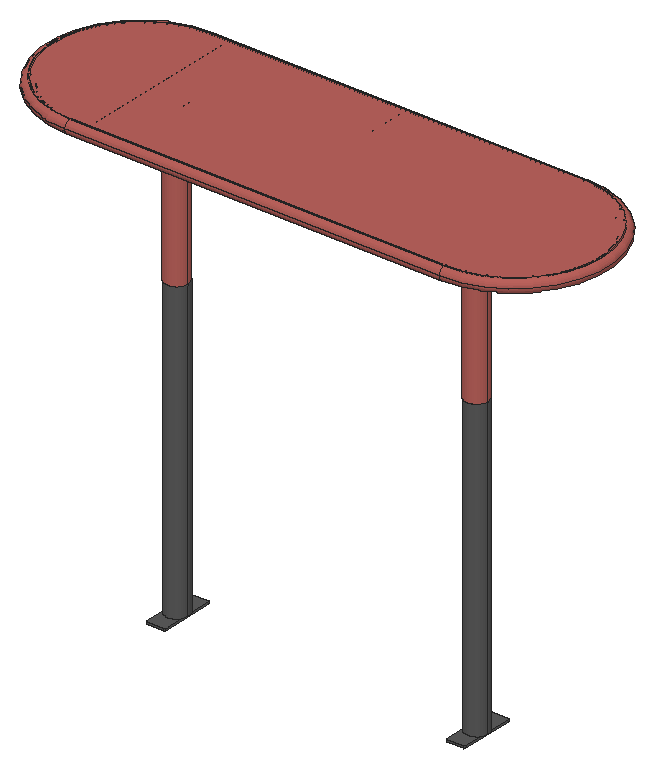
Revit family "product code 61401-F", category Meble, Revit 2021
Family settings
  Numer OmniClass = 23.40.20.00
  Tytuł OmniClass = General Furniture and Specialties
  Oparty na płaszczyźnie roboczej = Nie
  Zawsze pionowo = Tak
  Tnij formami wycięć po wczytaniu = Nie
  Współdzielony = Nie
  Punkt obliczania pomieszczeń = Nie
Parameters (values of type "Sydhavn")
  metal = Kobenhagen RAL 3000
  Width = "50 cm"
  Weight = "35 kg"
  URL = "https://kobenhagen.com/en_US/p/Sydhavn-3-person-Bench/232"
  Product Line = "Sydhavn"
  Product Groups = "Benches"
  Producent = "Lars Laj"
  Keynote = ""
  Opis = "Sydhavn 3-person Bench"
  Model = "61401-F"
  Material = "Powder coated steel"
  Maintenance = "We recommend to examine and tighten all screws and bolt clamps after a few weeks’ use. In order to prevent cracks and to extend the life of the wood, it is recommended that the wood details should be oiled every 3-5 years."
  Lenght = "150 cm"
  Type Comments = ""
  Kobenhagen Materials = "larslaj.com/bim"
  Hosted on larslaj.com = "https://larslaj.com/bim"
  Height = "45 cm"
  Domyślna rzędna = 0 mm
  Copyright = "All designs and drawings are the intellectual property of Lars Laj A/S and are protected by Danish and international copyright laws."
Reference planes
  plane 1: z = 0
  plane 2 "Środek (Lewa/Prawa)": x = 0
  plane 3 "Góra": z = 1062.347
  plane 4 "Środek": y = 257.204
Forms (mm)
  Extrusion 1, solid, material "Kobenhagen RAL 3000" <- "metal", not visible
    sketch origin (0, 0, 0) x (0, 1, 0) y (0, 0, 1)
      loop
        arc (71.187, 451.5) -> (57.045, 445.642) -> (51.187, 431.5) r 20
        line (51.187, 431.5) -> (51.187, 18.231)
        arc (51.187, 18.231) -> (56.527, 5.34) -> (69.418, 0) r 18.231
        line (69.418, 0) -> (153.638, 0) -> (153.638, 15) -> (448.638, 15) -> (448.638, 0) -> (527.023, 0)
        arc (527.023, 0) -> (542.307, 6.331) -> (548.638, 21.615) r 21.615
        line (548.638, 21.615) -> (548.638, 429.407)
        arc (548.638, 429.407) -> (542.168, 445.029) -> (526.545, 451.5) r 22.093
        line (526.545, 451.5) -> (71.187, 451.5)
    from 750.378 to 745
  Extrusion 2, solid, material "Kobenhagen RAL 3000" <- "metal", not visible
    sketch origin (0, 0, 0) x (0, 1, 0) y (0, 0, 1)
      loop
        line (548.638, 396.844) -> (629.375, 854.725) -> (601.836, 859.581)
        arc (601.836, 859.581) -> (585.224, 855.898) -> (576.082, 841.547) r 22.232
        line (576.082, 841.547) -> (507.306, 451.5) -> (526.545, 451.5)
        arc (526.545, 451.5) -> (542.168, 445.029) -> (548.638, 429.407) r 22.093
        line (548.638, 429.407) -> (548.638, 396.844)
    from 745 to 750.378
  Extrusion 3, solid, material "Kobenhagen RAL 3000" <- "metal"
    sketch origin (-110.268, -19.702, 0) x (0, -1, 0) y (1, 0, 0)
      loop
        circle (-275.327, -399.004) r 30.15
      loop
        circle (-275.327, -399.004) r 28.15
    from 444.1 to 0
  Extrusion 4, solid, material "Painted Black"
    sketch origin (189.004, -23.124, 0) x (1, 0, 0) y (0, 1, 0)
      loop
        line (-722.97, 354.396) -> (-722.97, 210.396)
        arc (-722.97, 210.396) -> (-722.091, 208.274) -> (-719.97, 207.396) r 3
        line (-719.97, 207.396) -> (-675.97, 207.396)
        arc (-675.97, 207.396) -> (-673.849, 208.274) -> (-672.97, 210.396) r 3
        line (-672.97, 210.396) -> (-672.97, 354.396)
        arc (-672.97, 354.396) -> (-673.849, 356.517) -> (-675.97, 357.396) r 3
        line (-675.97, 357.396) -> (-719.97, 357.396)
        arc (-719.97, 357.396) -> (-722.091, 356.517) -> (-722.97, 354.396) r 3
    from -800 to -795
  Extrusion 5, solid, material "Kobenhagen RAL 3000" <- "metal"
    sketch origin (0, 257.204, 0) x (-1, 0, 0) y (0, 0, 1)
      loop
        line (608.966, 447.188) -> (558.966, 447.188) -> (558.966, 417.188) -> (608.966, 417.188) -> (608.966, 447.188)
      loop
        line (606.966, 445.188) -> (560.966, 445.188) -> (560.966, 419.188) -> (606.966, 419.188) -> (606.966, 445.188)
    from -216.276 to 216.276
  Extrusion 6, solid, material "Kobenhagen RAL 3000" <- "metal"
    sketch origin (239.004, -16.847, 0) x (1, 0, 0) y (0, 1, 0)
      loop
        line (-699.004, 325.327) -> (-799.004, 325.327) -> (-799.004, 225.327) -> (-699.004, 225.327) -> (-699.004, 325.327)
    from 447.05 to 443.488
  Extrusion 7, solid, material "Painted Black"
    sketch origin (-110.268, -18.452, 0) x (1, 0, 0) y (0, 1, 0)
      loop
        circle (-399.004, 275.327) r 30.15
      loop
        circle (-399.004, 275.327) r 28.15
    from 0 to -795
  Extrusion 8, solid, material "Kobenhagen RAL 3000" <- "metal"
    sketch origin (0, 0, 0) x (1, 0, 0) y (0, 1, 0)
      loop
        line (-608.966, 24.054) -> (391.034, 24.054)
        arc (391.034, 24.054) -> (624.184, 257.204) -> (391.034, 490.354) r 233.15
        line (391.034, 490.354) -> (-608.966, 490.354)
        arc (-608.966, 490.354) -> (-842.116, 257.204) -> (-608.966, 24.054) r 233.15
    from 447.188 to 450
  Sweep 9, solid, material "Kobenhagen RAL 3000" <- "metal"
    path origin (-300, 0, 450) x (1, 0, 0) y (0, 1, 0)
      loop
        line (691.034, 490.354) -> (-308.028, 490.354)
        arc (-308.028, 490.354) -> (-541.178, 257.204) -> (-308.028, 24.054) r 233.15
        line (-308.028, 24.054) -> (691.034, 24.054)
        arc (691.034, 24.054) -> (924.184, 257.204) -> (691.034, 490.354) r 233.15
    profile origin (-108.497, 490.354, 450) x (0, -1, 0) y (0, 0, 1)
      loop
        circle (0, -16.8) r 16.85
      loop
        circle (0, -16.8) r 14.85
  Extrusion 10, solid, material "Kobenhagen RAL 3000" <- "metal"
    sketch origin (472.5, 257.204, 0) x (-1, 0, 0) y (0, 0, 1)
      loop
        line (608.966, 447.188) -> (558.966, 447.188) -> (558.966, 417.188) -> (608.966, 417.188) -> (608.966, 447.188)
      loop
        line (606.966, 445.188) -> (560.966, 445.188) -> (560.966, 419.188) -> (606.966, 419.188) -> (606.966, 445.188)
    from -216.276 to 216.276
  Extrusion 11, solid, material "Kobenhagen RAL 3000" <- "metal"
    sketch origin (947.5, 257.204, 0) x (-1, 0, 0) y (0, 0, 1)
      loop
        line (608.966, 447.188) -> (558.966, 447.188) -> (558.966, 417.188) -> (608.966, 417.188) -> (608.966, 447.188)
      loop
        line (606.966, 445.188) -> (560.966, 445.188) -> (560.966, 419.188) -> (606.966, 419.188) -> (606.966, 445.188)
    from -216.276 to 216.276
  Extrusion 12, solid, material "Kobenhagen RAL 5012", not visible
    sketch origin (-110.268, -19.702, 0) x (0, -1, 0) y (1, 0, 0)
      loop
        circle (-275.327, -399.004) r 30.15
      loop
        circle (-275.327, -399.004) r 28.15
    from 444.1 to 0
  Extrusion 13, solid, material "Kobenhagen RAL 5012", not visible
    sketch origin (239.004, -16.847, 0) x (1, 0, 0) y (0, 1, 0)
      loop
        line (-699.004, 325.327) -> (-799.004, 325.327) -> (-799.004, 225.327) -> (-699.004, 225.327) -> (-699.004, 325.327)
    from 447.05 to 443.488
  Extrusion 14, solid, material "Kobenhagen RAL 3000" <- "metal"
    sketch origin (689.664, -19.702, 0) x (0, -1, 0) y (1, 0, 0)
      loop
        circle (-275.327, -399.004) r 30.15
      loop
        circle (-275.327, -399.004) r 28.15
    from 444.1 to 0
  Extrusion 15, solid, material "Kobenhagen RAL 3000" <- "metal"
    sketch origin (1038.936, -16.847, 0) x (1, 0, 0) y (0, 1, 0)
      loop
        line (-699.004, 325.327) -> (-799.004, 325.327) -> (-799.004, 225.327) -> (-699.004, 225.327) -> (-699.004, 325.327)
    from 447.05 to 443.488
  Extrusion 16, solid, material "Painted Black", not visible
    sketch origin (189.004, -23.124, 0) x (1, 0, 0) y (0, 1, 0)
      loop
        line (-722.97, 354.396) -> (-722.97, 210.396)
        arc (-722.97, 210.396) -> (-722.091, 208.274) -> (-719.97, 207.396) r 3
        line (-719.97, 207.396) -> (-675.97, 207.396)
        arc (-675.97, 207.396) -> (-673.849, 208.274) -> (-672.97, 210.396) r 3
        line (-672.97, 210.396) -> (-672.97, 354.396)
        arc (-672.97, 354.396) -> (-673.849, 356.517) -> (-675.97, 357.396) r 3
        line (-675.97, 357.396) -> (-719.97, 357.396)
        arc (-719.97, 357.396) -> (-722.091, 356.517) -> (-722.97, 354.396) r 3
    from -800 to -795
  Extrusion 17, solid, material "Painted Black", not visible
    sketch origin (-110.268, -18.452, 0) x (1, 0, 0) y (0, 1, 0)
      loop
        circle (-399.004, 275.327) r 30.15
      loop
        circle (-399.004, 275.327) r 28.15
    from 0 to -795
  Extrusion 18, solid, material "Painted Black"
    sketch origin (988.936, -23.124, 0) x (1, 0, 0) y (0, 1, 0)
      loop
        line (-722.97, 354.396) -> (-722.97, 210.396)
        arc (-722.97, 210.396) -> (-722.091, 208.274) -> (-719.97, 207.396) r 3
        line (-719.97, 207.396) -> (-675.97, 207.396)
        arc (-675.97, 207.396) -> (-673.849, 208.274) -> (-672.97, 210.396) r 3
        line (-672.97, 210.396) -> (-672.97, 354.396)
        arc (-672.97, 354.396) -> (-673.849, 356.517) -> (-675.97, 357.396) r 3
        line (-675.97, 357.396) -> (-719.97, 357.396)
        arc (-719.97, 357.396) -> (-722.091, 356.517) -> (-722.97, 354.396) r 3
    from -800 to -795
  Extrusion 19, solid, material "Painted Black"
    sketch origin (689.664, -18.452, 0) x (1, 0, 0) y (0, 1, 0)
      loop
        circle (-399.004, 275.327) r 30.15
      loop
        circle (-399.004, 275.327) r 28.15
    from 0 to -795
Dimensions and locks
  aligned and locked: level to plane 1
